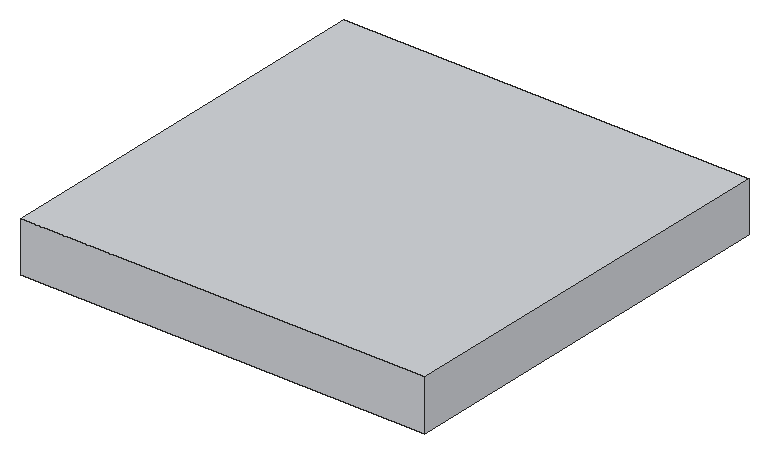
Revit family "006989", category Sanitärinstallationen, Revit 2014
Parameters
  Default Elevation = 1219.2 mm
  URL = "http://www.duravit.de"
  Produktseite / Product URL = "http://pro.duravit.com/006989"
  Modellbezeichnung / Model Descrption = "WC-Sitz Starck 2 / Seat and cover Starck 2"
  Modell = "006989"
  Material Keramik = Duravit Keramik
  Material Chrom = Stahl, verchromt
  Lüftungsverbindung = no
  LEED Credit = 0
  KW-Verbindung = no
  Hersteller = "Duravit"
  HW-Verbindung = no
  Familie von / Family made by = "http://www.bytesandbuilding.de"
  E-Mail Kontakt = "architects@duravit.com"
  Behindertengerecht / ADA Compliant = yes
  Baugruppenkennzeichen = "D2010"
  Abwasserrohrverbindung = no
Reference planes
  plane 1 "Mitte (Vorne/Hinten)": y = 0
  plane 2: z = 0
  plane 3 "Mitte (Links/Rechts)": x = 0
Forms (mm)
  Extrusion 1, solid
    sketch origin (0, 0, 0) x (1, 0, 0) y (0, 1, 0)
      loop
        line (-1219.2, 1219.2) -> (-1219.2, -1219.2) -> (1219.2, -1219.2) -> (1219.2, 1219.2) -> (-1219.2, 1219.2)
    from 0 to -304.8
Dimensions and locks
  aligned and locked: plane 2 to Extrusion 1
  aligned and locked: level to Extrusion 1
  aligned and locked: plane 3 "Mitte (Links/Rechts)" to nested 1
  aligned and locked: plane 1 "Mitte (Vorne/Hinten)" to nested 1
Nested families
  nested 1: "006989_" at (0, 0, 0), type "006989_"
Definition of nested family "006989_"
  Parameters (values of type "006989_")
    Mischbatterie [instance] = yes
    Material Keramik [instance] = Duravit Keramik
    Material Chrom [instance] = Stahl, verchromt
  Reference planes
    plane 1 "Mitte (Vorne/Hinten)": y = 0
    plane 2: z = 0
    plane 3 "Mitte (Links/Rechts)": x = 0
  Dimensions and locks
    aligned and locked: level to plane 2
